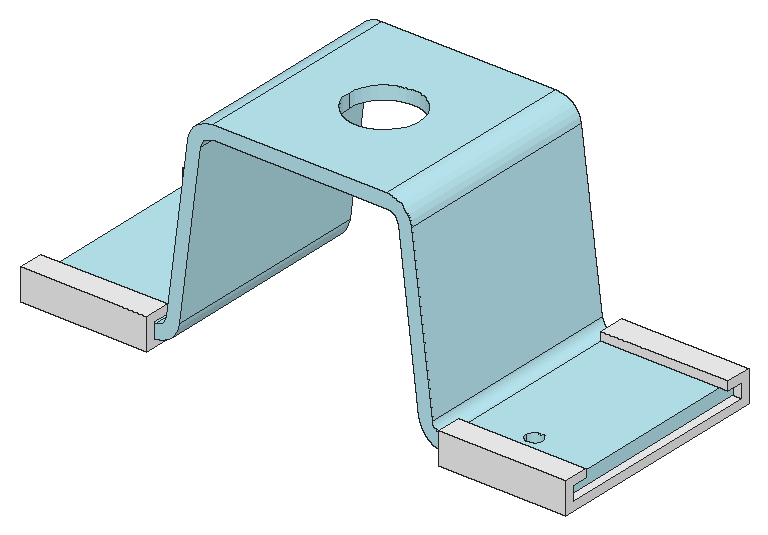
Revit family "スタンダードスタンド　H=50", category 機械設備, Revit 2020
Family settings
  丸型コネクタ寸法 = 直径を使用
  種別 = なし
  パーツ タイプ = 標準
  作業面ベース = いいえ
  常に垂直 = はい
  ロード時にボイドで切り取り = いいえ
  共有 = いいえ
  部屋計算ポイント = いいえ
Parameters
  製造元 = "株式会社桐井製作所"
  既定の高さ = 0 mm
  URL = "https://www.kirii.co.jp/"
  K_表面処理 = "Z12以上"
  K_材質 = "溶融亜鉛めっき鋼板及び鋼帯及び鋼帯JIS G 3302"
  K_名称 = "スタンド(スタンダードタイプ用)H=50"
  K_単位質量(kg/個) = 0.256
  K_備考 = "ボルト長さ200mmまで対応"
  K_バージョン情報 = "20221219"
Reference planes
  plane 1 "中心(正面/背面)": y = 0
  plane 2: z = 0
  plane 3 "中心(左/右)": x = 0
Forms (mm)
  Extrusion 1, solid
    sketch origin (0, 0, 0) x (1, 0, 0) y (0, 0, 1)
      loop
        arc (-23.326, 46.351) -> (-22.399, 48.101) -> (-20.548, 48.8) r 2.8
        line (-20.548, 48.8) -> (20.547, 48.8)
        arc (20.547, 48.8) -> (22.399, 48.101) -> (23.325, 46.351) r 2.8
        line (23.325, 46.351) -> (28.265, 7.248)
        arc (28.265, 7.248) -> (30.25, 3.499) -> (34.218, 2) r 6
        line (34.218, 2) -> (62.5, 2) -> (62.5, 5.2) -> (34.218, 5.2)
        arc (34.218, 5.2) -> (32.366, 5.9) -> (31.44, 7.649) r 2.8
        line (31.44, 7.649) -> (26.5, 46.752)
        arc (26.5, 46.752) -> (24.515, 50.501) -> (20.547, 52) r 6
        line (20.547, 52) -> (-20.548, 52)
        arc (-20.548, 52) -> (-24.515, 50.501) -> (-26.5, 46.752) r 6
        line (-26.5, 46.752) -> (-31.44, 7.649)
        arc (-31.44, 7.649) -> (-32.366, 5.9) -> (-34.218, 5.2) r 2.8
        line (-34.218, 5.2) -> (-62.5, 5.2) -> (-62.5, 2) -> (-34.218, 2)
        arc (-34.218, 2) -> (-30.25, 3.499) -> (-28.265, 7.248) r 6
        line (-28.265, 7.248) -> (-23.326, 46.351)
    from -25 to 25
  Extrusion 2, solid
    sketch origin (0, 0, 0) x (0, 1, 0) y (0, 0, 1)
      loop
        line (-21, 7.4) -> (-27, 7.4) -> (-27, 0) -> (27, 0) -> (27, 7.4) -> (21, 7.4) -> (21, 5.4) -> (25, 5.4) -> (25, 2) -> (-25, 2) -> (-25, 5.4) -> (-21, 5.4) -> (-21, 7.4)
    from -64.5 to -34.5
  Extrusion 3, solid
    sketch origin (99, 0, 0) x (0, 1, 0) y (0, 0, 1)
      loop
        line (-21, 7.4) -> (-27, 7.4) -> (-27, 0) -> (27, 0) -> (27, 7.4) -> (21, 7.4) -> (21, 5.4) -> (25, 5.4) -> (25, 2) -> (-25, 2) -> (-25, 5.4) -> (-21, 5.4) -> (-21, 7.4)
    from -64.5 to -34.5
  Extrusion 4, void
    sketch origin (0, 0, 0) x (1, 0, 0) y (0, 1, 0)
      loop
        circle (0, 0) r 8.5
    from 48.8 to 52
  Extrusion 5, void
    sketch origin (0, 0, 0) x (1, 0, 0) y (0, 1, 0)
      loop
        circle (-47.5, 15) r 2
      loop
        circle (47.5, -15) r 2
    from 0 to 5.4
Cuts and joins
  Extrusion 4, Extrusion 5 cuts Extrusion 1
  Extrusion 5 cuts Extrusion 2
  Extrusion 5 cuts Extrusion 3
Dimensions and locks
  aligned and locked: level to plane 2
